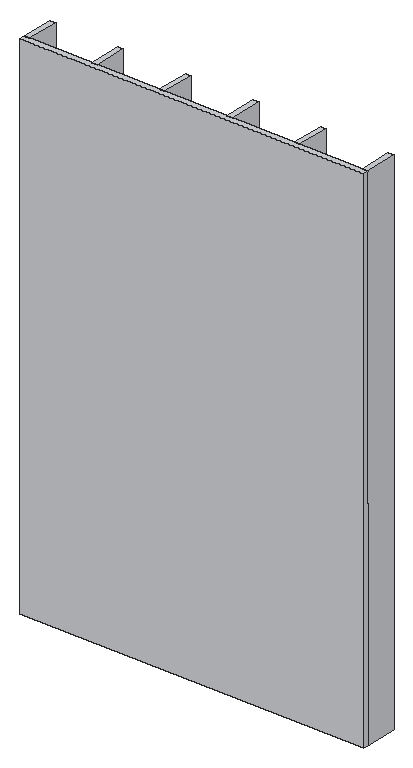
Revit family "Panel_Spandrel Ribbed Vertical", category Curtain Panels, Revit 2024
Family settings
  OmniClass Number = 23.25.20.14.11.11.17
  OmniClass Title = Infill Panels
  Always vertical = Yes
  Cut with Voids When Loaded = No
  Shared = No
Parameters (values of type "Default")
  Width [instance] = 1600 mm
  Panel Thickness = 25 mm
  Offset = 0 mm
  Number of Fins [instance] = 6
  Material Panel = _Default
  Height [instance] = 2400 mm
  Frame Thickness = 0 mm  # constant formula
  Frame Depth = 0 mm  # constant formula
  Fin Thickness = 25 mm
  Fin Depth = 150 mm
  EA_Repath [instance] = 0 mm
  Define Thermal Properties by = Schematic Type
  Analytic Construction = "<None>"
Reference planes
  plane 1 "Front": y = 0
  plane 2: z = 0
  plane 3 "Center (Left/Right)": x = 0
  plane 4 "Left": x = -800
  plane 5 "Right": x = 800
  plane 6 "Top": z = 2400
  plane 7: y = 0
  plane 8: y = 12.5
  plane 9: y = -12.5
Text (mm)
  text "Exterior" at (-1379.057, 797.241, 0), in view "Ref. Level"
  text "Exterior" at (12192, 1055.114, 2275.943), in view "Right"
  text "Exterior" at (-6096, 1468.734, 2687.031), in view "Left"
Dimensions and locks
  equal spacing: plane 4 "Left", plane 3 "Center (Left/Right)", plane 5 "Right"
  "Height": plane 2 to plane 6 "Top"
  "Width": plane 4 "Left" to plane 5 "Right"
  "Offset": plane 1 "Front" to plane 7
  equal spacing: plane 8, plane 7, plane 9
  "Panel Thickness": plane 8 to plane 9
  equal spacing: group 1, group 3, group 4, group 5, group 6, group 2  (x3)
  aligned and locked: level to plane 2
  aligned and locked: plane 3 "Center (Left/Right)" to nested 1
  aligned and locked: plane 7 to nested 1
  aligned and locked: plane 8 to nested 2
  aligned and locked: plane 4 "Left" to nested 2
  aligned and locked: nested 3 to plane 5 "Right"
  aligned and locked: plane 8 to nested 3
Nested families
  nested 1: "CW Panel Assembled Frameless" at (0, 0, 0), Overall Width <- "Width", Overall Height <- "Height", type "Default"
    with Panel Width 1600 mm, Panel Height 2400 mm, Overall Width 1600 mm, Overall Height 2400 mm, Panel Thickness 25 mm
  nested 2: "CW Panel Assembled Frameless" at (-787.5, 87.5, 0) x (0, 1, 0) z (0, 0, 1), Overall Width <- "Fin Depth", Overall Height <- "Height", type "Default"
    with Panel Width 150 mm, Panel Height 2400 mm, Overall Width 150 mm, Overall Height 2400 mm, Panel Thickness 25 mm
  nested 3: "CW Panel Assembled Frameless" at (787.5, 87.5, 0) x (0, 1, 0) z (0, 0, 1), Overall Width <- "Fin Depth", Overall Height <- "Height", type "Default"
    with Panel Width 150 mm, Panel Height 2400 mm, Overall Width 150 mm, Overall Height 2400 mm, Panel Thickness 25 mm
  nested 4: "CW Panel Assembled Frameless" at (-472.5, 87.5, 0) x (0, 1, 0) z (0, 0, 1), Overall Width <- "Fin Depth", Overall Height <- "Height", type "Default"
    with Panel Width 150 mm, Panel Height 2400 mm, Overall Width 150 mm, Overall Height 2400 mm, Panel Thickness 25 mm
  nested 5: "CW Panel Assembled Frameless" at (-157.5, 87.5, 0) x (0, 1, 0) z (0, 0, 1), Overall Width <- "Fin Depth", Overall Height <- "Height", type "Default"
    with Panel Width 150 mm, Panel Height 2400 mm, Overall Width 150 mm, Overall Height 2400 mm, Panel Thickness 25 mm
  nested 6: "CW Panel Assembled Frameless" at (157.5, 87.5, 0) x (0, 1, 0) z (0, 0, 1), Overall Width <- "Fin Depth", Overall Height <- "Height", type "Default"
    with Panel Width 150 mm, Panel Height 2400 mm, Overall Width 150 mm, Overall Height 2400 mm, Panel Thickness 25 mm
  nested 7: "CW Panel Assembled Frameless" at (472.5, 87.5, 0) x (0, 1, 0) z (0, 0, 1), Overall Width <- "Fin Depth", Overall Height <- "Height", type "Default"
    with Panel Width 150 mm, Panel Height 2400 mm, Overall Width 150 mm, Overall Height 2400 mm, Panel Thickness 25 mm
Definition of nested family "CW Panel Assembled Frameless"
  Parameters
    Panel Width [instance] = Overall Width - (2 * Frame Thickness)  # 609.6 mm
    Panel Material = none
    Panel Height [instance] = Overall Height - (2 * Frame Thickness)  # 609.6 mm
    Overall Width [instance] = 609.6 mm
    Frame Material = none
    Overall Height [instance] = 609.6 mm
    Frame Thickness = 0 mm  # constant formula
    Panel Thickness = 19.05 mm
    Frame Depth = 0 mm  # constant formula
    Default Elevation = 0 mm
  Reference planes
    plane 1 "Center (Front/Back)": y = 0
    plane 2: z = 0
    plane 3 "Center (Left/Right)": x = 0
    plane 4: z = 609.6
    plane 5: x = -304.8
    plane 6: x = 304.8
    plane 7: x = -304.8
    plane 8: z = 609.6
    plane 9: x = 304.8
    plane 10: y = 9.525
    plane 11: y = -9.525
    plane 12: z = 0
  Dimensions and locks
    equal spacing: plane 5, plane 3 "Center (Left/Right)", plane 6
    "Frame Thickness": plane 7 to plane 5
    "Frame Thickness": plane 6 to plane 9
    "Frame Thickness": plane 4 to plane 8
    equal spacing: plane 11, plane 1 "Center (Front/Back)", plane 10
    "Panel Thickness": plane 11 to plane 10
    "Frame Thickness": plane 12 to level
    "Panel Width": plane 7 to plane 9
    "Panel Height": plane 8 to plane 12
    aligned and locked: plane 2 to level
    aligned and locked: level to nested 1
    aligned and locked: plane 3 "Center (Left/Right)" to nested 1
  Nested families
    nested 1: "CW Panel" at (0, 0, 0), Overall Width <- "Overall Width", Overall Height <- "Overall Height", Material <- "Panel Material", type "Default"
      with Panel Width 609.6 mm, Panel Height 609.6 mm, Overall Width 609.6 mm, Overall Height 609.6 mm, Material none, Frame Thickness 0 mm
  Definition of nested family "CW Panel"
    Parameters
      Panel Width [instance] = Overall Width - (2 * Frame Thickness)  # 508 mm
      Panel Height [instance] = Overall Height - (2 * Frame Thickness)  # 508 mm
      Overall Width [instance] = 609.6 mm
      Material [instance] = none
      Overall Height [instance] = 609.6 mm
      Frame Thickness = 50.8 mm
      Panel Thickness = 19.05 mm
      Default Elevation = 1219.2 mm
    Reference planes
      plane 1 "Center (Front/Back)": y = 0
      plane 2: z = 0
      plane 3 "Center (Left/Right)": x = 0
      plane 4: z = 609.6
      plane 5: x = -304.8
      plane 6: x = 304.8
      plane 7: x = -254
      plane 8: z = 558.8
      plane 9: x = 254
      plane 10: y = 9.525
      plane 11: y = -9.525
      plane 12: z = 50.8
    Forms (mm)
      Extrusion 1, solid, material <- "Material"
        sketch origin (0, 0, 0) x (1, 0, 0) y (0, 0, 1)
          loop
            line (-254, 558.8) -> (-254, 50.8) -> (254, 50.8) -> (254, 558.8) -> (-254, 558.8)
        from -9.525 to 9.525
    Dimensions and locks
      equal spacing: plane 5, plane 3 "Center (Left/Right)", plane 6
      "Frame Thickness": plane 7 to plane 5
      "Frame Thickness": plane 6 to plane 9
      "Frame Thickness": plane 4 to plane 8
      equal spacing: plane 11, plane 1 "Center (Front/Back)", plane 10
      "Panel Thickness": plane 11 to plane 10
      "Frame Thickness": plane 12 to level
      "Panel Width": plane 7 to plane 9
      "Panel Height": plane 8 to plane 12
      aligned and locked: plane 2 to level
      aligned and locked: Extrusion 1 to plane 10
      aligned and locked: Extrusion 1 to plane 11
      aligned and locked: plane 7 to Extrusion 1
      aligned and locked: plane 8 to Extrusion 1
      aligned and locked: plane 9 to Extrusion 1
      aligned and locked: plane 12 to Extrusion 1
    Automatic sketch dimensions
      level to Extrusion 1 sketch curve = 50.8 mm
      plane 5 to Extrusion 1 sketch curve = 50.8 mm
      plane 6 to Extrusion 1 sketch curve = 50.8 mm
      Extrusion 1 sketch curve to plane 4 = 50.8 mm
